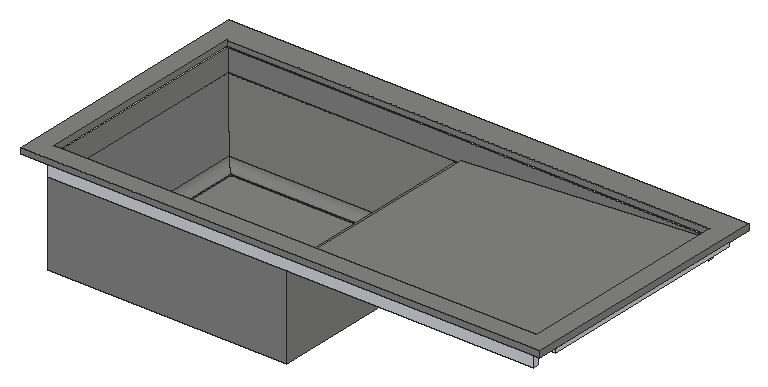
Revit family
Parameters (values of type "42" x 21"")
  Assembly Code = "D2010410"
  Counter Height = 3' - 0"
  Depth = 1' - 9"
  Faucet Material = Metal - Chrome
  Sink Material = Metal - Chrome
  Width = 3' - 6"
Reference planes (in)
  plane 1 "Center (Front/Back)": y = -1.4076614
  plane 2: z = 0
  plane 3 "Center (Left/Right)": x = 0.6176866
  plane 4: y = 10.5923386
  plane 5: y = -10.4076614
  plane 6: x = -20.3823134
  plane 7: x = 21.6176866
  plane 8 "Top Of Counter": z = 36
  plane 9: z = 36.5
  plane 10: z = 27.5
  plane 11: y = 6.0923386
  plane 12: x = -18.8823134
  plane 13: y = -8.9076614
  plane 14: x = 20.1176866
  plane 15: z = 39
  plane 16: z = 37.5
  plane 17: x = -0.1323134
  plane 18: x = 1.3676866
  plane 19: x = -9.1323134
  plane 20: x = 10.3676866
  plane 21: z = 27.875
Forms (in)
  Extrusion 1, solid, material "Metal - Chrome" <- "Sink Material"
    sketch origin (0, 0, 0) x (1, 0, 0) y (0, 1, 0)
      loop
        line (-20.3823134, 10.5923386) -> (-20.3823134, -10.4076614) -> (21.6176866, -10.4076614) -> (21.6176866, 10.5923386) -> (-20.3823134, 10.5923386)
      loop
        line (-18.8823134, 8.5923386) -> (-18.8823134, -8.9076614) -> (20.1176866, -8.9076614) -> (20.1176866, 8.5923386) -> (-18.8823134, 8.5923386)
    from 36 to 36.5
  Sweep 2, solid, material "Metal - Chrome" <- "Sink Material"
    path origin (0, 0, 0) x (1, 0, 0) y (0, 1, 0)
      loop
        line (-18.8823134, 8.5923386) -> (-18.8823134, -8.9076614) -> (-0.1323134, -8.9076614) -> (-0.1323134, 8.5923386) -> (-18.8823134, 8.5923386)
    profile origin (-9.5073134, 0, 0) x (0, 1, 0) y (0, 0, 1)
      loop
        line (8.8423386, 34.239087) -> (8.4382787, 34.239087) -> (7.9413909, 28.5596332)
        arc (7.9413909, 28.5596332) -> (7.7009375, 28.072042) -> (7.1942449, 27.875) r 0.75
        line (7.1942449, 27.875) -> (7.0923386, 27.875) -> (7.0923386, 27.5) -> (8.8423386, 27.5) -> (8.8423386, 34.239087)
  Extrusion 3, solid, material "Metal - Chrome" <- "Sink Material"
    sketch origin (0, 0, 0) x (1, 0, 0) y (0, 1, 0)
      loop
        arc (-16.8823134, 7.0923386) -> (-17.2358668, 6.945892) -> (-17.3823134, 6.5923386) r 0.5
        line (-17.3823134, 6.5923386) -> (-17.3823134, -6.9076614)
        arc (-17.3823134, -6.9076614) -> (-17.2358668, -7.2612148) -> (-16.8823134, -7.4076614) r 0.5
        line (-16.8823134, -7.4076614) -> (-2.1323134, -7.4076614)
        arc (-2.1323134, -7.4076614) -> (-1.77876, -7.2612148) -> (-1.6323134, -6.9076614) r 0.5
        line (-1.6323134, -6.9076614) -> (-1.6323134, 6.5923386)
        arc (-1.6323134, 6.5923386) -> (-1.77876, 6.945892) -> (-2.1323134, 7.0923386) r 0.5
        line (-2.1323134, 7.0923386) -> (-16.8823134, 7.0923386)
      loop
        circle (-9.1323134, -1.4076614) r 1
    from 27.5 to 27.875
  Extrusion 4, solid
    sketch origin (0.1176866, -9.1576614, 34.239087) x (-1, 0, 0) y (0, 0, -1)
      loop
        line (0, 0) -> (-21.5174824, -1.5121416) -> (-21.5174824, -1.760913) -> (0, -0.25) -> (0, 0)
    from -17.75 to -0.25
  Extrusion 5, solid
    sketch origin (0, 0, 0) x (1, 0, 0) y (0, 1, 0)
      loop
        line (-19.1323134, -9.1576614) -> (20.1176866, -9.1576614) -> (20.1176866, -8.7505016) -> (-19.1323134, -8.7505016) -> (-19.1323134, -9.1576614)
    from 34.239087 to 36
  Extrusion 6, solid
    sketch origin (0, -0.2831629, 0) x (1, 0, 0) y (0, 1, 0)
      loop
        line (-19.1323134, 9.1576614) -> (-19.1323134, 8.7505016) -> (20.1176866, 8.7505016) -> (20.1176866, 9.1576614) -> (-19.1323134, 9.1576614)
    from 34.239087 to 36
  Extrusion 7, solid
    sketch origin (-9.974652, -10.2578149, 0) x (0, -1, 0) y (1, 0, 0)
      loop
        line (-18.8501535, -9.1576614) -> (-1.5042135, -9.1576614) -> (-1.5042135, -8.7505016) -> (-18.8501535, -8.7505016) -> (-18.8501535, -9.1576614)
    from 34.239087 to 36
Cuts and joins
  joined: Extrusion 1, Sweep 2
Lines and regions (in)
  Masking region 1
    outline origin (0, 0, 36) x (0, -1, 0) y (1, 0, 0)
      loop
        line (-10.5923386, -20.3823134) -> (10.4076614, -20.3823134) -> (10.4076614, 21.6176866) -> (-10.5923386, 21.6176866) -> (-10.5923386, -20.3823134)
  symbolic lines
    curve 1: line (-18.8823134, 4.0923386, 36) -> (-18.8823134, -6.9076614, 36)
    curve 2: line (-16.8823134, -8.9076614, 36) -> (-2.1323134, -8.9076614, 36)
    curve 3: line (20.1176866, -6.9076614, 36) -> (20.1176866, 4.0923386, 36)
    curve 4: line (18.1176866, 6.0923386, 36) -> (3.3676866, 6.0923386, 36)
    curve 5: arc (20.1176866, 4.0923386, 36) -> (19.5319002, 5.5065522, 36) -> (18.1176866, 6.0923386, 36) r 2
    curve 6: arc (18.1176866, -8.9076614, 36) -> (19.5319002, -8.3218749, 36) -> (20.1176866, -6.9076614, 36) r 2
    curve 7: arc (-18.8823134, -6.9076614, 36) -> (-18.2965269, -8.3218749, 36) -> (-16.8823134, -8.9076614, 36) r 2
    curve 8: arc (-16.8823134, 6.0923386, 36) -> (-18.2965269, 5.5065522, 36) -> (-18.8823134, 4.0923386, 36) r 2
    curve 9: arc (1.1176866, 8.3423386, 36) -> (0.6176866, 8.8423386, 36) -> (0.1176866, 8.3423386, 36) r 0.5
    curve 10: line (0.1176866, 8.3423386, 36) -> (0.1176866, 0.5923386, 36)
    curve 11: line (1.1176866, 8.3423386, 36) -> (1.1176866, 0.5923386, 36)
    curve 12: arc (1.1176866, 0.5923386, 36) -> (0.6176866, 0.0923386, 36) -> (0.1176866, 0.5923386, 36) r 0.5
    curve 13: line (-0.1323134, 4.0923386, 36) -> (-0.1323134, -6.9076614, 36)
    curve 14: line (1.3676866, 4.0923386, 36) -> (1.3676866, -6.9076614, 36)
    curve 15: line (3.3676866, -8.9076614, 36) -> (18.1176866, -8.9076614, 36)
    curve 16: line (-2.1323134, 6.0923386, 36) -> (-16.8823134, 6.0923386, 36)
    curve 17: arc (3.3676866, 6.0923386, 36) -> (1.9534731, 5.5065522, 36) -> (1.3676866, 4.0923386, 36) r 2
    curve 18: arc (1.3676866, -6.9076614, 36) -> (1.9534731, -8.3218749, 36) -> (3.3676866, -8.9076614, 36) r 2
    curve 19: arc (-0.1323134, -6.9076614, 36) -> (-0.7180998, -8.3218749, 36) -> (-2.1323134, -8.9076614, 36) r 2
    curve 20: arc (-0.1323134, 4.0923386, 36) -> (-0.7180998, 5.5065522, 36) -> (-2.1323134, 6.0923386, 36) r 2
    curve 21: arc (-10.1323134, -1.4076614, 36) -> (-9.1323134, -0.4076614, 36) -> (-8.1323134, -1.4076614, 36) r 1
    curve 22: arc (-8.1323134, -1.4076614, 36) -> (-9.1323134, -2.4076614, 36) -> (-10.1323134, -1.4076614, 36) r 1
    curve 23: arc (9.3676866, -1.4076614, 36) -> (10.3676866, -0.4076614, 36) -> (11.3676866, -1.4076614, 36) r 1
    curve 24: arc (11.3676866, -1.4076614, 36) -> (10.3676866, -2.4076614, 36) -> (9.3676866, -1.4076614, 36) r 1
    curve 25: arc (-4.3823134, 8.3423386, 36) -> (-3.3823134, 7.3423386, 36) -> (-2.3823134, 8.3423386, 36) r 1
    curve 26: arc (-2.3823134, 8.3423386, 36) -> (-3.3823134, 9.3423386, 36) -> (-4.3823134, 8.3423386, 36) r 1
    curve 27: arc (3.6176866, 8.3423386, 36) -> (4.6176866, 7.3423386, 36) -> (5.6176866, 8.3423386, 36) r 1
    curve 28: arc (5.6176866, 8.3423386, 36) -> (4.6176866, 9.3423386, 36) -> (3.6176866, 8.3423386, 36) r 1
Dimensions and locks (in)
  equal spacing: plane 6, plane 3 "Center (Left/Right)", plane 7
  "Width": plane 6 to plane 7
  "Depth": plane 5 to plane 4
  "Counter Height": plane 8 "Top Of Counter" to plane 2
  locked: plane 9 to plane 8 "Top Of Counter" at 0.5
  locked: plane 8 "Top Of Counter" to plane 10 at 8.5
  locked: plane 6 to plane 12 at 1.5
  locked: plane 14 to plane 7 at 1.5
  locked: plane 11 to plane 4 at 4.5
  locked: plane 5 to plane 13 at 1.5
  locked: plane 15 to plane 9 at 2.5
  locked: plane 16 to plane 9 at 1
  plane 17 to plane 3 "Center (Left/Right)" to plane 18 = 0' - 0 3/4" locked, 0' - 0 3/4" locked
  equal spacing: plane 12, plane 19, plane 3 "Center (Left/Right)"
  equal spacing: plane 3 "Center (Left/Right)", plane 20, plane 14
  equal spacing: plane 13, plane 1 "Center (Front/Back)", plane 11
  locked: plane 21 to plane 10 at 0.375
  aligned and locked: Extrusion 1 sketch curve to plane 5
  aligned and locked: plane 7 to Extrusion 1 sketch curve
  aligned and locked: plane 4 to Extrusion 1 sketch curve
  aligned and locked: Extrusion 1 sketch curve to plane 6
  aligned and locked: plane 8 "Top Of Counter" to Extrusion 1
  aligned and locked: Extrusion 1 to plane 9
  aligned and locked: plane 14 to Extrusion 1 sketch curve
  aligned and locked: Extrusion 1 sketch curve to plane 12
  aligned and locked: Sweep 2 sketch curve to plane 12
  aligned and locked: Sweep 2 sketch curve to plane 13
  aligned and locked: Sweep 2 to Extrusion 3 sketch curve  (x4)
  aligned and locked: plane 10 to Extrusion 3
  aligned and locked: Sweep 2 sketch curve to plane 10
  aligned and locked: curve 21 to Extrusion 3
  aligned and locked: plane 4 to Masking region 1 sketch curve
  aligned and locked: plane 7 to Masking region 1 sketch curve
  aligned and locked: Masking region 1 sketch curve to plane 5
  aligned and locked: Masking region 1 sketch curve to plane 6
  aligned and locked: Extrusion 3 to plane 21
Automatic sketch dimensions
  plane 13 to Extrusion 1 sketch curve = 0' - 0"
  plane 4 to Extrusion 1 sketch curve = 0' - 2"
  Sweep 2 sketch curve to plane 3 "Center (Left/Right)" = 0' - 0 3/4"
  plane 4 to Sweep 2 sketch curve = 0' - 2"
  profile plane to Sweep 2 sketch curve = 0' - 1 1/2"
  Sweep 2 sketch curve to Sweep 2 sketch curve = 0' - 0.10191"
  profile plane to Sweep 2 sketch curve = 0' - 0.65095"
  profile plane to Sweep 2 sketch curve = 0' - 0.15406"
  Sweep 2 sketch curve to profile plane = 0' - 0 1/4"
  Sweep 2 sketch curve to Sweep 2 sketch curve = 0' - 0 3/8"
  Sweep 2 sketch curve to Sweep 2 sketch curve = 0' - 0.68463"
  Sweep 2 sketch curve to Sweep 2 sketch curve = 0' - 5.67945"
  Extrusion 3 sketch curve to Extrusion 3 sketch curve = 0' - 0"  (x2)
  plane 1 "Center (Front/Back)" to Extrusion 3 sketch curve = 0' - 0"
  Extrusion 3 sketch curve to plane 19 = 0' - 0"
  Extrusion 3 sketch curve to Extrusion 3 sketch curve = 0' - 0 1/2"  (x4)
  plane 19 to Extrusion 3 sketch curve = 0' - 1"
  curve 23 to curve 24 = 0' - 0"  (x2)
  curve 25 to curve 26 = 0' - 0"  (x2)
  curve 27 to curve 28 = 0' - 0"  (x2)
  curve 9 to plane 3 "Center (Left/Right)" = 0' - 0"
  plane 11 to curve 16 = 0' - 0"
  plane 11 to curve 5 = 0' - 0"
  curve 1 to plane 12 = 0' - 0"
  curve 3 to plane 14 = 0' - 0"
  plane 1 "Center (Front/Back)" to curve 23 = 0' - 0"
  plane 13 to curve 15 = 0' - 0"
  plane 13 to curve 7 = 0' - 0"
  curve 24 to plane 20 = 0' - 0"
  plane 3 "Center (Left/Right)" to curve 11 = 0' - 0 1/2"
  plane 4 to curve 11 = 0' - 2 1/4"
  plane 4 to curve 25 = 0' - 2 1/4"
  plane 4 to curve 27 = 0' - 2 1/4"
  plane 11 to curve 1 = 0' - 2"
  plane 3 "Center (Left/Right)" to curve 17 = 0' - 0 3/4"
  plane 11 to curve 17 = 0' - 2"
  curve 20 to plane 3 "Center (Left/Right)" = 0' - 0 3/4"
  curve 20 to curve 14 = 0' - 0"
  plane 11 to curve 3 = 0' - 2"
  curve 12 to plane 1 "Center (Front/Back)" = 0' - 2"
  curve 13 to plane 13 = 0' - 2"
  curve 18 to curve 15 = 0' - 2"
  curve 3 to plane 13 = 0' - 2"
  curve 1 to plane 13 = 0' - 2"
  curve 25 to curve 16 = 0' - 2 1/4"
  curve 25 to curve 25 = 0' - 1"
  curve 4 to curve 27 = 0' - 0 1/4"
  curve 27 to curve 28 = 0' - 1"
  plane 20 to curve 23 = 0' - 1"
  Extrusion 4 sketch curve to Sweep 2 = 0' - 0"  (x2)
  Sweep 2 to Extrusion 4 sketch curve = 0' - 1.51214"
  Extrusion 4 sketch curve to Sweep 2 = 1' - 9.51748"
  Extrusion 4 sketch curve to Extrusion 4 sketch curve = 0' - 0.24877"
  Extrusion 4 sketch curve to Extrusion 4 sketch curve = 0' - 0 1/4"
  plane 12 to Extrusion 5 sketch curve = 0' - 0 1/4"
  Extrusion 5 sketch curve to plane 13 = 0' - 0.15716"
  plane 3 "Center (Left/Right)" to Extrusion 5 sketch curve = 1' - 7 1/2"
  plane 13 to Extrusion 5 sketch curve = 0' - 0 1/4"
  Extrusion 6 sketch curve to plane 12 = 0' - 0 1/4"
  Extrusion 6 sketch curve to plane 3 "Center (Left/Right)" = 1' - 7 1/2"
  Extrusion 6 sketch curve to plane 4 = 0' - 1.71784"
  Extrusion 6 sketch curve to Extrusion 6 sketch curve = 0' - 0.40716"
  Extrusion 7 sketch curve to plane 12 = 0' - 0.15716"
  plane 4 to Extrusion 7 sketch curve = 0' - 2"
  Extrusion 7 sketch curve to plane 13 = 0' - 0.15406"
  plane 12 to Extrusion 7 sketch curve = 0' - 0 1/4"
